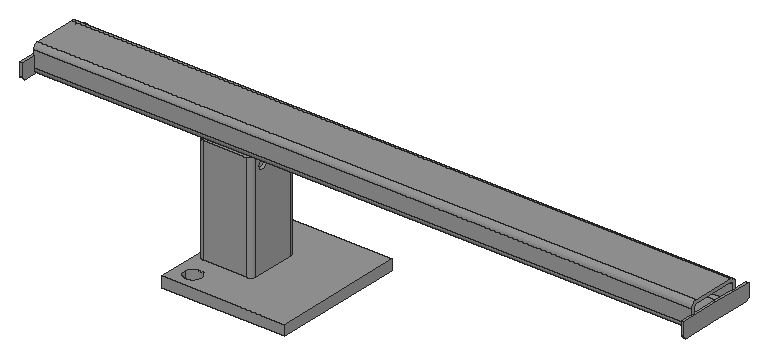
Revit family "STA BKRS 500 FT  Stützausleger", category Generic Models, Revit 2017
Family settings
  Can host rebar = No
  Round Connector Dimension = Use Diameter
  Part Type = Normal
  Work Plane-Based = No
  Always vertical = Yes
  Cut with Voids When Loaded = No
  Shared = No
  Room Calculation Point = No
Parameters (values of type "STA BKRS 500 FT")
  URL = "http://www.obo-bettermann.com"
  Material = Hot dip galvanised
  Manufacturer Art.No. = "6044551"
  Manufacturer = "OBO BETTERMANN"
  GTIN = "4012196695126"
  Article Type = "STA BKRS 500 FT"
Reference planes
  plane 1 "Center (Front/Back)": y = 0
  plane 2: z = 0
  plane 3 "Center (Left/Right)": x = 0
  plane 4: x = 91.5
  plane 5: y = 100
  plane 6: y = 12.5
  plane 7: y = 87.5
  plane 8: x = 13
  plane 9: y = 50
  plane 10: y = 62
  plane 11: x = 11
  plane 12: z = 88
  plane 13: x = 22.882
  plane 14: x = 2.902
  plane 15: z = 100
  plane 16: y = 50
  plane 17: z = 90
  plane 18: y = 22
  plane 19: z = 90
  plane 20: y = 78
  plane 21: x = 364.902
  plane 22: y = 40
  plane 23: x = 364.902
  plane 24: y = 30
  plane 25: x = -113.098
  plane 26: y = 60.052
  plane 27: y = 70.026
  plane 28: x = 3
  plane 29: z = 81
  plane 30: y = 40
  plane 31: y = 30
  plane 32: x = 371.902
  plane 33: x = 373.902
  plane 34: x = -120.098
  plane 35: x = -122.098
Forms (mm)
  Extrusion 1, solid, material "Hot dip galvanised" <- "Material"
    sketch origin (0, 0, 0) x (1, 0, 0) y (0, 0, 1)
      loop
        line (0, 0) -> (91.5, 0) -> (91.5, 8) -> (0, 8) -> (0, 0)
    from 0 to -100
  Extrusion 2, void
    sketch origin (0, 0, 0) x (1, 0, 0) y (0, 1, 0)
      loop
        circle (13, 87.5) r 6.5
      loop
        circle (13, 12.5) r 6.5
      loop
        circle (11, 62) r 5.956
    from 0 to 8
  Extrusion 3, solid, material "Hot dip galvanised" <- "Material"
    sketch origin (0, 0, 0) x (0, 1, 0) y (0, 0, 1)
      loop
        line (34, 88) -> (66, 88)
        arc (66, 88) -> (68.828, 89.172) -> (70, 92) r 4
        line (70, 92) -> (70, 104)
        arc (70, 104) -> (68.828, 106.828) -> (66, 108) r 4
        line (66, 108) -> (34, 108)
        arc (34, 108) -> (31.172, 106.828) -> (30, 104) r 4
        line (30, 104) -> (30, 92)
        arc (30, 92) -> (31.172, 89.172) -> (34, 88) r 4
      loop
        line (66, 106) -> (34, 106)
        arc (34, 106) -> (32.586, 105.414) -> (32, 104) r 2
        line (32, 104) -> (32, 92)
        arc (32, 92) -> (32.586, 90.586) -> (34, 90) r 2
        line (34, 90) -> (66, 90)
        arc (66, 90) -> (67.414, 90.586) -> (68, 92) r 2
        line (68, 92) -> (68, 104)
        arc (68, 104) -> (67.414, 105.414) -> (66, 106) r 2
    from -120.098 to 371.902
  Extrusion 4, solid, material "Hot dip galvanised" <- "Material"
    sketch origin (0, 0, 0) x (0, 1, 0) y (0, 0, 1)
      loop
        line (50, 100) -> (20, 100) -> (20, 90) -> (22, 88) -> (50, 88) -> (78, 88) -> (80, 90) -> (80, 100) -> (50, 100)
    from 371.902 to 373.902
  Extrusion 5, solid, material "Hot dip galvanised" <- "Material"
    sketch origin (0, 0, 0) x (0, 1, 0) y (0, 0, 1)
      loop
        line (80, 100) -> (20, 100) -> (20, 90) -> (22, 88) -> (78, 88) -> (80, 90) -> (80, 100)
    from -120.098 to -122.098
  Extrusion 6, void
    sketch origin (0, 0, 0) x (1, 0, 0) y (0, 1, 0)
      loop
        circle (364.902, 40) r 4
    from 88 to 90
  Extrusion 7, void
    sketch origin (0, 0, 0) x (1, 0, 0) y (0, 1, 0)
      loop
        circle (-113.098, 60.052) r 3.952
    from 88 to 90
  Extrusion 8, solid, material "Hot dip galvanised" <- "Material"
    sketch origin (0, 0, 0) x (1, 0, 0) y (0, 1, 0)
      loop
        arc (6.902, 70.024) -> (4.074, 68.853) -> (2.902, 66.024) r 4
        line (2.902, 66.024) -> (2.902, 34)
        arc (2.902, 34) -> (4.074, 31.172) -> (6.902, 30) r 4
        line (6.902, 30) -> (38.902, 30)
        arc (38.902, 30) -> (41.731, 31.172) -> (42.902, 34) r 4
        line (42.902, 34) -> (42.902, 66.024)
        arc (42.902, 66.024) -> (41.731, 68.853) -> (38.902, 70.024) r 4
        line (38.902, 70.024) -> (6.902, 70.024)
      loop
        arc (6.902, 68.024) -> (5.488, 67.439) -> (4.902, 66.024) r 2
        line (4.902, 66.024) -> (4.902, 34)
        arc (4.902, 34) -> (5.488, 32.586) -> (6.902, 32) r 2
        line (6.902, 32) -> (38.902, 32)
        arc (38.902, 32) -> (40.317, 32.586) -> (40.902, 34) r 2
        line (40.902, 34) -> (40.902, 66.024)
        arc (40.902, 66.024) -> (40.317, 67.439) -> (38.902, 68.024) r 2
        line (38.902, 68.024) -> (6.902, 68.024)
    from 8 to 88
  Extrusion 9, void
    sketch origin (0, 0, 0) x (0, 1, 0) y (0, 0, 1)
      loop
        circle (40, 81) r 3.961
    from 40.902 to 42.902
Cuts and joins
  Extrusion 2 cuts Extrusion 1
  Extrusion 6, Extrusion 7 cuts Extrusion 3
  Extrusion 9 cuts Extrusion 8
Dimensions and locks
  plane 4 to plane 3 "Center (Left/Right)" = 91.5 mm
  locked: Extrusion 1 sketch curve to Extrusion 1 sketch curve at 8
  locked: Extrusion 1 sketch curve to Extrusion 1 sketch curve at 91.5
  locked: plane 1 "Center (Front/Back)" to plane 5 at 100
  locked: Extrusion 1 to plane 8 at 13
  locked: Extrusion 1 to plane 9 at 50
  locked: plane 7 to plane 9 at 37.5
  locked: plane 9 to plane 6 at 37.5
  locked: plane 8 to Extrusion 2 sketch curve at 0  (x2)
  locked: plane 8 to Extrusion 2 sketch curve at 6.5  (x2)
  locked: Extrusion 1 to plane 10 at 38
  Extrusion 1 to plane 11 = 11 mm
  locked: plane 11 to Extrusion 2 sketch curve at 0
  locked: Extrusion 2 sketch curve to plane 11 at 5.956
  locked: plane 12 to level at 88
  locked: Extrusion 3 sketch curve to Extrusion 3 sketch curve at 40
  locked: Extrusion 3 sketch curve to Extrusion 3 sketch curve at 36
  locked: Extrusion 3 sketch curve to Extrusion 3 sketch curve at 16
  locked: Extrusion 3 to plane 15 at 8
  locked: Extrusion 3 to Extrusion 4 sketch curve at 12  (x2)
  locked: Extrusion 3 to Extrusion 4 at 12
  locked: Extrusion 4 to Extrusion 4 at 12
  locked: Extrusion 4 to Extrusion 4 at 60
  plane 21 to Extrusion 3 = 7 mm
  locked: plane 22 to plane 24 at 10
  locked: plane 23 to Extrusion 6 sketch curve at 0
  locked: plane 23 to Extrusion 6 sketch curve at 4
  locked: cut or joined group of Extrusion 3, Extrusion 6, Extrusion 7 to plane 25 at 7
  locked: plane 27 to plane 26 at 9.974
  locked: plane 25 to Extrusion 7 sketch curve at 0
  locked: plane 25 to Extrusion 7 sketch curve at 3.952
  locked: plane 3 "Center (Left/Right)" to plane 28 at 3
  locked: Extrusion 8 sketch curve to Extrusion 8 sketch curve at 40.024
  locked: Extrusion 8 sketch curve to Extrusion 8 sketch curve at 40
  locked: Extrusion 8 sketch curve to Extrusion 8 sketch curve at 36.024
  locked: Extrusion 8 sketch curve to Extrusion 8 sketch curve at 36
  Extrusion 8 sketch curve to Extrusion 8 sketch curve = 40 mm
  locked: plane 29 to Extrusion 4 at 7
  locked: plane 31 to plane 30 at 10
  locked: plane 30 to Extrusion 9 sketch curve at 3.961
  locked: plane 30 to Extrusion 9 sketch curve at 0
  plane 32 to cut or joined group of Extrusion 8, Extrusion 9 = 329 mm
  locked: cut or joined group of Extrusion 3, Extrusion 6, Extrusion 7 to cut or joined group of Extrusion 8, Extrusion 9 at 329
  locked: plane 33 to cut or joined group of Extrusion 3, Extrusion 6, Extrusion 7 at 2
  locked: plane 14 to plane 34 at 123
  locked: plane 34 to plane 35 at 2
  locked: plane 14 to Extrusion 5 at 123
  locked: cut or joined group of Extrusion 3, Extrusion 6, Extrusion 7 to cut or joined group of Extrusion 3, Extrusion 6, Extrusion 7 at 492
  aligned and locked: level to plane 2
  aligned and locked: Extrusion 1 to level
  aligned and locked: Extrusion 1 to plane 3 "Center (Left/Right)"
  aligned and locked: plane 5 to Extrusion 1
  aligned and locked: plane 1 "Center (Front/Back)" to Extrusion 1
  aligned and locked: Extrusion 2 to level
  aligned and locked: Extrusion 1 to Extrusion 2
  aligned and locked: Extrusion 3 to plane 12
  aligned and locked: plane 12 to Extrusion 4 sketch curve
  aligned and locked: plane 17 to Extrusion 4 sketch curve
  aligned and locked: Extrusion 4 to Extrusion 3
  aligned and locked: plane 23 to plane 21
  aligned and locked: plane 12 to Extrusion 6
  aligned and locked: Extrusion 7 to plane 12
  aligned and locked: Extrusion 3 to Extrusion 7
  aligned and locked: plane 14 to Extrusion 8 sketch curve
  aligned and locked: cut or joined group of Extrusion 3, Extrusion 6, Extrusion 7 to Extrusion 8
  aligned and locked: Extrusion 8 to cut or joined group of Extrusion 1, Extrusion 2
  aligned and locked: plane 12 to Extrusion 8
  aligned and locked: Extrusion 8 to Extrusion 9  (x2)
  aligned and locked: plane 33 to Extrusion 4
  aligned and locked: Extrusion 3 to plane 34
  aligned and locked: Extrusion 5 to cut or joined group of Extrusion 3, Extrusion 6, Extrusion 7
  aligned and locked: Extrusion 5 to plane 35
Automatic sketch dimensions
  Extrusion 1 sketch curve to level = 0 mm
  Extrusion 1 sketch curve to plane 3 "Center (Left/Right)" = 0 mm
  Extrusion 2 sketch curve to plane 6 = 0 mm
  Extrusion 2 sketch curve to plane 10 = 0 mm
  Extrusion 2 sketch curve to plane 7 = 0 mm
  plane 12 to Extrusion 3 sketch curve = 4 mm  (x2)
  Extrusion 3 sketch curve to plane 1 "Center (Front/Back)" = 30 mm
  Extrusion 3 sketch curve to Extrusion 3 sketch curve = 4 mm
  Extrusion 3 sketch curve to Extrusion 3 sketch curve = 0 mm  (x13)
  Extrusion 4 sketch curve to plane 18 = 0 mm
  Extrusion 4 sketch curve to plane 16 = 0 mm  (x2)
  Extrusion 4 sketch curve to plane 20 = 0 mm
  plane 17 to Extrusion 4 sketch curve = 0 mm
  Extrusion 4 sketch curve to plane 18 = 2 mm
  plane 20 to Extrusion 4 sketch curve = 2 mm
  Extrusion 5 sketch curve to plane 12 = 0 mm
  Extrusion 5 sketch curve to plane 1 "Center (Front/Back)" = 20 mm
  Extrusion 5 sketch curve to Extrusion 5 sketch curve = 2 mm  (x2)
  Extrusion 5 sketch curve to plane 5 = 22 mm
  plane 12 to Extrusion 5 sketch curve = 2 mm  (x2)
  Extrusion 5 sketch curve to Extrusion 5 sketch curve = 10 mm
  Extrusion 6 sketch curve to plane 22 = 0 mm
  Extrusion 7 sketch curve to plane 26 = 0 mm
  Extrusion 3 sketch curve to plane 12 = 0 mm
  plane 28 to Extrusion 8 sketch curve = 3.902 mm  (x2)
  Extrusion 8 sketch curve to Extrusion 8 sketch curve = 4 mm  (x2)
  Extrusion 8 sketch curve to plane 1 "Center (Front/Back)" = 30 mm
  Extrusion 8 sketch curve to Extrusion 8 sketch curve = 0 mm  (x6)
  Extrusion 9 sketch curve to plane 29 = 0 mm
